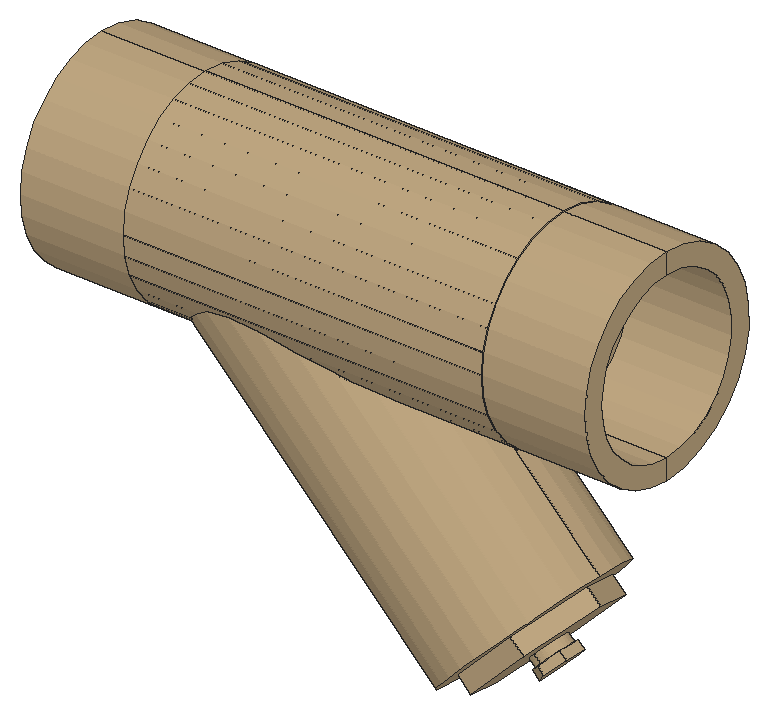
Revit family "510", category Pipe Accessories, Revit 2018
Family settings
  Round Connector Dimension = Use Diameter
  Part Type = Valve - Breaks Into
  Work Plane-Based = No
  Always vertical = Yes
  Cut with Voids When Loaded = No
  Shared = No
Parameters (values of type "510 Y-Strainer")
  pipe radius [instance] = Pipe Diameter / 2  # 1.0625"
  insert [instance] = size_lookup(Standards Lookup Table, "copper_cup", 0.000", Nominal Diameter)  # 1.340"
  fillet1 = 0.200"  # constant formula
  Weight [instance] = size_lookup(LookupTable, "Weight", "NA", Nominal Diameter)  # "5.13 lbs."
  URL = "http://www.fnw.com"
  Standards Lookup Table = "Standards"  # constant formula
  SCR2 [instance] = size_lookup(LookupTable, "SCR2", 0.000", Nominal Diameter)  # 0.250"
  SCR1 [instance] = size_lookup(LookupTable, "SCR1", 0.000", Nominal Diameter)  # 0.2381"
  SCH2 [instance] = size_lookup(LookupTable, "SCH2", 0.000", Nominal Diameter)  # 0.125"
  SCH1 [instance] = size_lookup(LookupTable, "SCH1", 0.000", Nominal Diameter)  # 0.125"
  R3 [instance] = size_lookup(LookupTable, "R3", 0.000", Nominal Diameter)  # 1.19531"
  R2 [instance] = size_lookup(LookupTable, "R2", 0.000", Nominal Diameter)  # 1.32812"
  R1 [instance] = size_lookup(LookupTable, "R1", 0.000", Nominal Diameter)  # 1.32812"
  Product ID [instance] = size_lookup(LookupTable, "ProductID", "NA", Nominal Diameter)  # "0"
  Pipe Diameter [instance] = size_lookup(Standards Lookup Table, "copper", 0.000", Nominal Diameter)  # 2.125"
  Part Number [instance] = size_lookup(LookupTable, "PartNumber", "NA", Nominal Diameter)  # "FNW510K"
  Nominal Diameter [instance] = 2"
  LookupTable = "510 Y-Strainer"  # constant formula
  L4 [instance] = size_lookup(LookupTable, "L4", 0.000", Nominal Diameter)  # 5.087"
  L3 [instance] = size_lookup(LookupTable, "L3", 0.000", Nominal Diameter)  # 1.650"
  L2 [instance] = size_lookup(LookupTable, "L2", 0.000", Nominal Diameter)  # 4.640"
  L1 [instance] = size_lookup(LookupTable, "L1", 0.000", Nominal Diameter)  # 1.340"
  HX1 [instance] = size_lookup(LookupTable, "HX1", 0.000", Nominal Diameter)  # 0.82814"
  H2 [instance] = size_lookup(LookupTable, "H2", 0.000", Nominal Diameter)  # 0.250"
  H1 [instance] = L4 / 3  # 1.69567"
  Grip = 0.000"  # constant formula
  Description BOM [instance] = size_lookup(LookupTable, "Description_BOM", "NA", Nominal Diameter)  # "2 Fig.510 Y-Strainer"
  45 = 45.00°  # constant formula
  135 = 135.00°  # constant formula
  120 = 120.00°  # constant formula
Reference planes (in)
  plane 1 "Center (Front/Back)": y = 0
  plane 2: z = 0
  plane 3 "Center (Left/Right)": x = 0
  plane 4: y = 0.19133
  plane 5: y = -0.19134
  plane 6: x = -2.32
  plane 7: x = 2.32
  plane 8: z = 1.32812
  plane 9: z = 0.53148
  plane 10: z = 1.0625
  plane 11: x = -3.66
  plane 12: x = 3.66
  plane 13: x = -2.32
  plane 14: x = 2.32
Forms (in)
  Revolve 1, solid, material "Bronze, Cast"
    sketch origin (0, 0, 0) x (1, 0, 0) y (0, 0, 1)
      loop
        line (-2.32, 0) -> (2.32, 0) -> (2.32, 1.32812) -> (-2.32, 1.32812) -> (-2.32, 0)
      axis (2.32, 0) -> (-2.32, 0)
    angle from 0 to 360
  Revolve 2, solid, material "Bronze, Cast"
    sketch origin (0, 0, 0) x (1, 0, 0) y (0, 0, 1)
      loop
        line (-3.66, 1.0625) -> (3.66, 1.0625) -> (3.66, 1.32812) -> (-3.66, 1.32812) -> (-3.66, 1.0625)
      axis (-3.66, 0) -> (3.66, 0)
    angle from 0 to 360
Dimensions and locks (in)
  "pipe radius": plane 10 to plane 2
  "R2": plane 8 to plane 2
  "L1": plane 6 to plane 11
  "L1": plane 7 to plane 12
  equal spacing: plane 7, plane 3 "Center (Left/Right)", plane 6
  "L2": plane 7 to plane 6
  "insert": plane 14 to plane 12
  "insert": plane 13 to plane 11
  "L3": plane 3 "Center (Left/Right)" to nested 1
  aligned and locked: plane 2 to level
  aligned and locked: plane 12 to Revolve 2 sketch curve
  aligned and locked: plane 11 to Revolve 2 sketch curve
  aligned and locked: Revolve 1 sketch curve to plane 2
  aligned and locked: Revolve 1 sketch curve to plane 6
  aligned and locked: Revolve 1 sketch curve to plane 7
  aligned and locked: Revolve 2 sketch curve to plane 8
  aligned and locked: plane 10 to Revolve 2 sketch curve
Automatic sketch dimensions
  Revolve 1 sketch curve to level = 0.000"
  Revolve 1 sketch curve to plane 8 = 0.000"
  Revolve 1 sketch curve to plane 11 = 0.7248"
  plane 7 to Revolve 1 sketch curve = 0.1463"
  Revolve 2 sketch curve to level = 0.000"
  Revolve 2 sketch curve to plane 3 "Center (Left/Right)" = 0.000"
  Revolve 2 sketch curve to plane 12 = 4.1085"
  Revolve 2 sketch curve to plane 8 = 0.000"
Nested families (in)
  nested 1: "12411242Cylinder" at (-1.65, 0, 0) x (1, 0, 0) z (0, 0, -1), L4 <- "L4", R3 <- "R3", type "12411242Cylinder"
    with R3 1.19531", L4 5.087"
  nested 2: "strainer hex cap" at (1.94705, 0, -3.59705) x (0, -1, 0) z (0.7071, 0, -0.7071), H2 <- "H2", HX1 <- "HX1", SCH1 <- "SCH1", SCH2 <- "SCH2", SCR1 <- "SCR1", SCR2 <- "SCR2", type "strainer hex cap"
    with SCR2 0.250", SCR1 0.2381", SCH2 0.125", SCH1 0.125", HX1 0.82814", H2 0.250"
Connectors (in)
  piping at (-2.32, 0, 0), diameter 2, driven by "Nominal Diameter"
    settings: on Revolve 1, index 1, connector inside diameter 24", connector length 0.000", flow factor 0, pipe flow 0 GPM, pressure drop 0.00 psi, fitting loss kfactor 0, connector angle 0.00°, fixture units 0, engagement length 0.000", angle of deflection 0.00°, flow configuration 0, flow direction 0, fitting loss method 0, system type 29, joint type 0, gender type 0, connector reference index -1, connector utility 0, adjustable connector no, is connector primary yes, connector description ""
  piping at (2.32, 0, 0), diameter 2, driven by "Nominal Diameter"
    settings: on Revolve 1, index 2, connector inside diameter 24", connector length 0.000", flow factor 0, pipe flow 0 GPM, pressure drop 0.00 psi, fitting loss kfactor 0, connector angle 0.00°, fixture units 0, engagement length 0.000", angle of deflection 0.00°, flow configuration 0, flow direction 0, fitting loss method 0, system type 29, joint type 0, gender type 0, connector reference index -1, connector utility 0, adjustable connector no, is connector primary no, connector description ""
Definition of nested family "12411242Cylinder"
  Parameters (values of type "12411242Cylinder")
    R3 [instance] = 3.250"
    L4 [instance] = 21.500"
    45 = 45.00°  # constant formula
  Reference planes (in)
    plane 1 "Center (Front/Back)": y = 0
    plane 2: z = 0
    plane 3 "Center (Left/Right)": x = 0
  Forms (in)
    Sweep 1, solid
      path in 3D
        loop
          line (0, 0, 0) -> (15.2028, 0, 15.2028)
      profile origin (7.6014, 0, 7.6014) x (-0.707107, 0, 0.707107) y (0, -1, 0)
        loop
          circle (0, 0) r 3.25
  Lines and regions (in)
    model lines
      curve 1: line (0, 0, 0) -> (15.2028, 0, 15.2028)
    sketch lines
      curve 2: line (0, 0, 0) -> (15.2028, 0, 15.2028)
    reference lines
      curve 3: line (0, 0, 0) -> (0, 0, -17.5)
  Dimensions and locks (in)
    "L4": curve 1 to curve 1
    "R3": radius of Sweep 1 sketch curve
    "45": angle plane 2 to curve 1
    aligned and locked: plane 2 to level
    aligned and locked: plane 2 to curve 1
    aligned and locked: plane 3 "Center (Left/Right)" to curve 1
    aligned and locked: curve 3 to plane 3 "Center (Left/Right)"
  Automatic sketch dimensions
    curve 3 to level = 0.000"
    curve 3 to level = 17.500"
    Sweep 1 sketch curve to profile plane = 0.000"
    profile plane to Sweep 1 sketch curve = 0.000"
Definition of nested family "strainer hex cap"
  Parameters (values of type "strainer hex cap")
    SCR2 [instance] = 0.250"
    SCR1 [instance] = 0.40386"
    SCH2 [instance] = 0.31669"
    SCH1 [instance] = 0.250"
    HX1 [instance] = 0.750"
    H2 [instance] = 0.500"
    Default Elevation = 48.000"
    120 = 120.00°
  Reference planes (in)
    plane 1 "Center (Front/Back)": y = 0
    plane 2: z = 0
    plane 3 "Center (Left/Right)": x = 0
    plane 4: z = 0.5
    plane 5: z = 0.75
    plane 6: z = 1.06669
  Forms (in)
    Extrusion 1, solid
      sketch origin (0, 0, 0) x (1, 0, 0) y (0, 1, 0)
        loop
          line (-48, 48) -> (-48, -48) -> (48, -48) -> (48, 48) -> (-48, 48)
      from 0 to -12
    Extrusion 2, solid
      sketch origin (0, 0, 0) x (1, 0, 0) y (0, 1, 0)
        loop
          line (0.75, 0.43301) -> (0, 0.86603) -> (-0.75, 0.43301) -> (-0.75, -0.43301) -> (0, -0.86603) -> (0.75, -0.43301) -> (0.75, 0.43301)
      from 0 to 0.5
    Extrusion 3, solid
      sketch origin (0, 0, 0) x (1, 0, 0) y (0, 1, 0)
        loop
          circle (0, 0) r 0.40386
      from 0.5 to 0.75
    Extrusion 4, solid
      sketch origin (0, 0, 0) x (1, 0, 0) y (0, 1, 0)
        loop
          line (0.28868, 0) -> (0.14434, 0.25) -> (-0.14434, 0.25) -> (-0.28868, 0) -> (-0.14434, -0.25) -> (0.14434, -0.25) -> (0.28868, 0)
      from 0.75 to 1.06669
  Lines and regions (in)
    reference lines
      curve 1: line (0, 0, 1) -> (0, 0, -1.29798)
  Dimensions and locks (in)
    "HX1": Extrusion 2 sketch curve to plane 3 "Center (Left/Right)"  (x5)
    "HX1": plane 3 "Center (Left/Right)" to Extrusion 2 sketch curve
    "H2": plane 4 to Extrusion 1
    "SCH1": plane 5 to plane 4
    "SCR2": Extrusion 4 sketch curve to curve 1  (x4)
    "SCR2": Extrusion 4 sketch curve to plane 1 "Center (Front/Back)"  (x2)
    "SCH2": plane 6 to plane 5
    "SCR1": radius of Extrusion 3 sketch curve
    "120": angle Extrusion 2 sketch curve to Extrusion 2 sketch curve  (x5)
    "120": angle Extrusion 4 sketch curve to Extrusion 4 sketch curve  (x5)
    aligned and locked: plane 2 to Extrusion 1
    aligned and locked: level to Extrusion 1
    aligned and locked: Extrusion 2 to plane 4
    aligned and locked: plane 4 to Extrusion 3
    aligned and locked: Extrusion 3 to plane 5
    aligned and locked: plane 5 to Extrusion 4
    aligned and locked: Extrusion 4 to plane 6
  Automatic sketch dimensions
    Extrusion 1 sketch curve to Extrusion 1 sketch curve = 96.000"  (x2)
    curve 1 to plane 3 "Center (Left/Right)" = 0.000"
    curve 1 to level = 1.29798"
    curve 1 to plane 4 = 0.500"
    plane 1 "Center (Front/Back)" to Extrusion 3 sketch curve = 0.000"
    Extrusion 3 sketch curve to plane 3 "Center (Left/Right)" = 0.000"
